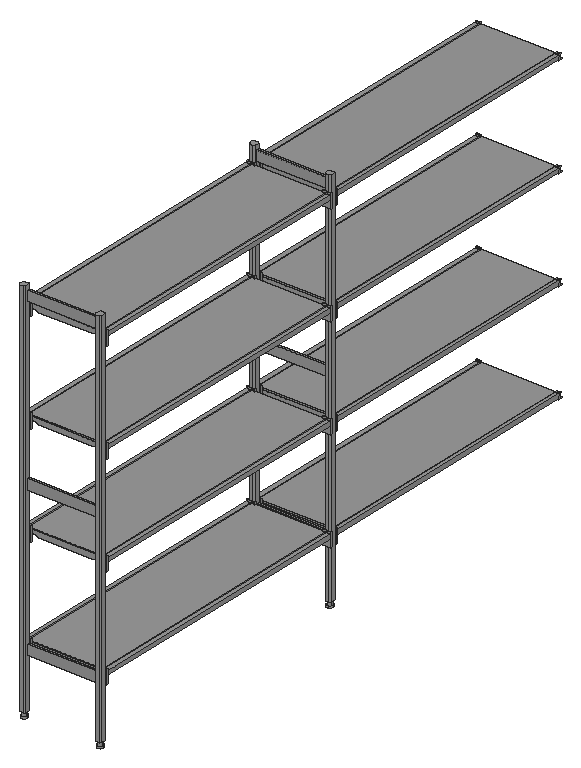
Revit family "QF_ZANUSSI_137067_ACS2548", category Attrezzature speciali, Revit 2020
Family settings
  Quota connettore circolare = Usa diametro
  Tipo di parte = Normale
  Basato su piano di lavoro = No
  Sempre verticale = Sì
  Taglio con vuoti quando caricato = No
  Condiviso = No
  Punto di calcolo locali = No
Parameters (values of type "Standard")
  Weight = 38.00 kg
  Watts = 0 W
  Volts = 0 V
  URL Manufacturer = "http://www.zanussiprofessional.com"
  URL = "http://www.zanussiprofessional.com"
  Steam Supply Size = 0 mm
  Steam Supply Minimum Pressure = 0.0 Pa
  Steam Supply Maximum Pressure = 0.0 Pa
  Steam Consumption per Hour = 0
  Refrigeration Suction Line Size = 0.0 mm
  Refrigeration Liquid Line Size = 0.0 mm
  Refrigerant Compressor Remote = yes
  Prospetto di default = 0.0 mm
  Phase = 0
  Modello = "ACS2548"
  Produttore = "Zanussi"
  Length Actual = 2552.0 mm  # constant formula
  Item Number = "137067"
  Hot Water Size = 0 mm
  Height Actual = 1700.0 mm  # constant formula
  HP = "0 HP"
  Gas Size = 0 mm
  Gas KW = 0
  Gas Input Pressure = 0 W
  Direct Waste Size = 0 mm
  Descrizione = "ALUM.CORNER SHELV.-POLY.TIERS-373X2552MM"
  Depth Actual = 373.0 mm  # constant formula
  Cycle = 0 Hz
  Condensate Return Size = 0 mm
  Compressed Air Volume = 0.0 L/s
  Compressed Air Size = 0 mm
  Compressed Air Pressure = 0.0 Pa
  Cold Water Size = 0 mm
  Accessory = yes
Reference planes
  plane 1: z = 0
  plane 2 "CenterLeft": y = -535.5
  plane 3 "FRONT": y = -921.5
  plane 4 "LEFT": x = 192.5
  plane 5 "RIGHT": x = 565.5
  plane 6 "TOP": z = 1700
  plane 7: y = -889.5
  plane 8: y = 350.5
  plane 9 "Center (Left/Back)": x = 379
  plane 10: x = 205
  plane 11: x = 515
  plane 12 "FEET": z = 25
  plane 13: z = 275
  plane 14: z = 725
  plane 15: z = 1175
  plane 16: z = 1625
  plane 17 "CXLeft": y = -907.5
  plane 18 "Center (Front/Back)": y = 368.5
  plane 19 "CYFront": x = 510
  plane 20: y = 1626.5
  plane 21: y = 386.5
  plane 22 "BACK": y = 1630.5
  plane 23 "LEFT_ORIGIN": x = 158.5
  plane 24 "BACK_ORIGIN": y = 2003.5
Forms (mm)
  Extrusion 1, solid, material "QF_Aluminum"
    sketch origin (38.022, -921.5, -4.006) x (-1, 0, 0) y (0, 0, 1)
      loop
        line (-189.5, 1637.003) -> (-173.5, 1637.003) -> (-173.5, 1655) -> (-175.493, 1655) -> (-175.493, 1648.501) -> (-506.5, 1648.501) -> (-506.5, 1655) -> (-508.5, 1655) -> (-508.5, 1637.003) -> (-492.5, 1637.003) -> (-458.5, 1625) -> (-223.5, 1625) -> (-189.5, 1637.003)
      loop
        line (-189.5, 1187.003) -> (-173.5, 1187.003) -> (-173.5, 1205) -> (-175.493, 1205) -> (-175.493, 1198.501) -> (-506.5, 1198.501) -> (-506.5, 1205) -> (-508.5, 1205) -> (-508.5, 1187.003) -> (-492.5, 1187.003) -> (-458.5, 1175) -> (-223.5, 1175) -> (-189.5, 1187.003)
      loop
        line (-189.5, 737.003) -> (-173.5, 737.003) -> (-173.5, 755) -> (-175.493, 755) -> (-175.493, 748.501) -> (-506.5, 748.501) -> (-506.5, 755) -> (-508.5, 755) -> (-508.5, 737.003) -> (-492.5, 737.003) -> (-458.5, 725) -> (-223.5, 725) -> (-189.5, 737.003)
      loop
        line (-189.5, 287.003) -> (-173.5, 287.003) -> (-173.5, 305) -> (-175.493, 305) -> (-175.493, 298.501) -> (-506.5, 298.501) -> (-506.5, 305) -> (-508.5, 305) -> (-508.5, 287.003) -> (-492.5, 287.003) -> (-458.5, 275) -> (-223.5, 275) -> (-189.5, 287.003)
    from 37 to 32
  Extrusion 2, solid, material "QF_Aluminum"
    sketch origin (38.022, -921.5, 0) x (-1, 0, 0) y (0, 0, 1)
      loop
        line (-154.478, 246.005) -> (-154.478, 307.993) -> (-190.471, 307.993) -> (-190.471, 246.005) -> (-154.478, 246.005)
      loop
        line (-527.478, 246.005) -> (-491.484, 246.005) -> (-491.484, 307.993) -> (-527.478, 307.993) -> (-527.478, 246.005)
      loop
        line (-154.478, 696.005) -> (-154.478, 757.993) -> (-190.471, 757.993) -> (-190.471, 696.005) -> (-154.478, 696.005)
      loop
        line (-527.478, 696.005) -> (-491.484, 696.005) -> (-491.484, 757.993) -> (-527.478, 757.993) -> (-527.478, 696.005)
      loop
        line (-154.478, 1146.005) -> (-154.478, 1207.993) -> (-190.471, 1207.993) -> (-190.471, 1146.005) -> (-154.478, 1146.005)
      loop
        line (-527.478, 1146.005) -> (-491.484, 1146.005) -> (-491.484, 1207.993) -> (-527.478, 1207.993) -> (-527.478, 1146.005)
      loop
        line (-154.478, 1596.005) -> (-154.478, 1657.993) -> (-190.471, 1657.993) -> (-190.471, 1596.005) -> (-154.478, 1596.005)
      loop
        line (-527.478, 1596.005) -> (-491.484, 1596.005) -> (-491.484, 1657.993) -> (-527.478, 1657.993) -> (-527.478, 1596.005)
    from 28 to 32
  Extrusion 3, solid, material "QF_Aluminum"
    sketch origin (38.022, -921.5, 0) x (-1, 0, 0) y (0, 0, 1)
      loop
        line (-154.5, 1650.994) -> (-173.5, 1650.994) -> (-173.5, 1632.998) -> (-154.5, 1632.998) -> (-154.5, 1650.994)
      loop
        line (-154.5, 1200.994) -> (-173.5, 1200.994) -> (-173.5, 1182.998) -> (-154.5, 1182.998) -> (-154.5, 1200.994)
      loop
        line (-154.5, 750.994) -> (-173.5, 750.994) -> (-173.5, 732.998) -> (-154.5, 732.998) -> (-154.5, 750.994)
      loop
        line (-154.5, 300.994) -> (-173.5, 300.994) -> (-173.5, 282.998) -> (-154.5, 282.998) -> (-154.5, 300.994)
      loop
        line (-527.455, 1650.994) -> (-527.455, 1632.998) -> (-508.455, 1632.998) -> (-508.455, 1650.994) -> (-527.455, 1650.994)
      loop
        line (-527.455, 1200.994) -> (-527.455, 1182.998) -> (-508.455, 1182.998) -> (-508.455, 1200.994) -> (-527.455, 1200.994)
      loop
        line (-527.455, 750.994) -> (-527.455, 732.998) -> (-508.455, 732.998) -> (-508.455, 750.994) -> (-527.455, 750.994)
      loop
        line (-527.455, 300.994) -> (-527.455, 282.998) -> (-508.455, 282.998) -> (-508.455, 300.994) -> (-527.455, 300.994)
    from 32 to 1272
  Extrusion 4, solid, material "QF_Polyethylene"
    sketch origin (38.022, -921.5, 0) x (-1, 0, 0) y (0, 0, 1)
      loop
        line (-175.493, 1650.994) -> (-506.5, 1650.994) -> (-506.5, 1644.496) -> (-175.493, 1644.496) -> (-175.493, 1650.994)
      loop
        line (-175.493, 1200.994) -> (-506.5, 1200.994) -> (-506.5, 1194.496) -> (-175.493, 1194.496) -> (-175.493, 1200.994)
      loop
        line (-175.493, 750.994) -> (-506.5, 750.994) -> (-506.5, 744.496) -> (-175.493, 744.496) -> (-175.493, 750.994)
      loop
        line (-175.493, 300.994) -> (-506.5, 300.994) -> (-506.5, 294.496) -> (-175.493, 294.496) -> (-175.493, 300.994)
    from 32 to 1272
  Extrusion 5, solid, material "QF_Aluminum"
    sketch origin (38.022, 684.5, 0) x (-1, 0, 0) y (0, 0, 1)
      loop
        line (-154.5, 1650.994) -> (-173.5, 1650.994) -> (-173.5, 1632.998) -> (-154.5, 1632.998) -> (-154.5, 1650.994)
      loop
        line (-508.5, 1650.994) -> (-527.455, 1650.994) -> (-527.455, 1632.998) -> (-508.5, 1632.998) -> (-508.5, 1650.994)
      loop
        line (-154.5, 1200.994) -> (-173.5, 1200.994) -> (-173.5, 1182.998) -> (-154.5, 1182.998) -> (-154.5, 1200.994)
      loop
        line (-508.5, 1200.994) -> (-527.455, 1200.994) -> (-527.455, 1182.998) -> (-508.5, 1182.998) -> (-508.5, 1200.994)
      loop
        line (-154.5, 750.994) -> (-173.5, 750.994) -> (-173.5, 732.998) -> (-154.5, 732.998) -> (-154.5, 750.994)
      loop
        line (-508.5, 750.994) -> (-527.455, 750.994) -> (-527.455, 732.998) -> (-508.5, 732.998) -> (-508.5, 750.994)
      loop
        line (-154.5, 300.994) -> (-173.5, 300.994) -> (-173.5, 282.998) -> (-154.5, 282.998) -> (-154.5, 300.994)
      loop
        line (-508.5, 300.994) -> (-527.455, 300.994) -> (-527.455, 282.998) -> (-508.5, 282.998) -> (-508.5, 300.994)
    from 942 to -298
  Extrusion 6, solid, material "QF_Polyethylene"
    sketch origin (38.022, 684.5, 0) x (-1, 0, 0) y (0, 0, 1)
      loop
        line (-175.493, 1650.994) -> (-506.5, 1650.994) -> (-506.5, 1644.496) -> (-175.493, 1644.496) -> (-175.493, 1650.994)
      loop
        line (-175.493, 1200.994) -> (-506.5, 1200.994) -> (-506.5, 1194.496) -> (-175.493, 1194.496) -> (-175.493, 1200.994)
      loop
        line (-175.493, 750.994) -> (-506.5, 750.994) -> (-506.5, 744.496) -> (-175.493, 744.496) -> (-175.493, 750.994)
      loop
        line (-175.493, 300.994) -> (-506.5, 300.994) -> (-506.5, 294.496) -> (-175.493, 294.496) -> (-175.493, 300.994)
    from 942 to -298
Lines and regions (mm)
  symbolic lines
    curve 1: line (205, -912.5, 1700) -> (515, -912.5, 1700)
    curve 2: line (515, -902.5, 1700) -> (205, -902.5, 1700)
    curve 3: line (192.5, -893.5, 1700) -> (192.5, 354.5, 1700)
    curve 4: line (565.5, -889.5, 1700) -> (565.5, 350.5, 1700)
    curve 5: line (192.5, 382.5, 1700) -> (192.5, 1630.5, 1700)
    curve 6: line (565.5, 382.5, 1700) -> (565.5, 1630.5, 1700)
    curve 7: line (211.522, 1626.5, 1700) -> (510.507, 1626.5, 1700)
    curve 8: line (211.522, 350.5, 1700) -> (510.507, 350.5, 1700)
    curve 9: line (510.507, 386.5, 1700) -> (211.522, 386.5, 1700)
    curve 10: line (211.522, -889.5, 1700) -> (510.507, -889.5, 1700)
    curve 11: line (211.522, -889.5, 1700) -> (211.522, 350.5, 1700)
    curve 12: line (546.478, 350.5, 1700) -> (546.478, -889.5, 1700)
    curve 13: line (211.522, 386.5, 1700) -> (211.522, 1626.5, 1700)
    curve 14: line (546.522, 652.5, 1700) -> (546.522, -145.5, 1700)
Dimensions and locks
  plane 3 "FRONT" to plane 2 "CenterLeft" = 386.0 mm
  locked: plane 6 "TOP" to level at 1700
  locked: plane 7 to plane 8 at 1240
  locked: plane 10 to plane 11 at 310
  plane 10 to plane 9 "Center (Left/Back)" to plane 11 = 174.0 mm, 136.0 mm
  equal spacing: plane 4 "LEFT", plane 9 "Center (Left/Back)", plane 5 "RIGHT"
  plane 12 "FEET" to level = 25.0 mm
  plane 6 "TOP" to plane 12 "FEET" = 1675.0 mm
  plane 13 to plane 12 "FEET" = 250.0 mm
  plane 14 to plane 13 = 450.0 mm
  plane 15 to plane 14 = 450.0 mm
  plane 16 to plane 15 = 450.0 mm
  plane 19 "CYFront" to Extrusion 1 sketch curve = 34.522 mm
  locked: plane 21 to plane 20 at 1240
  locked: plane 8 to plane 18 "Center (Front/Back)" at 18
  locked: plane 18 "Center (Front/Back)" to plane 21 at 18
  locked: plane 3 "FRONT" to plane 7 at 32
  locked: plane 4 "LEFT" to plane 5 "RIGHT" at 373
  locked: plane 23 "LEFT_ORIGIN" to plane 5 "RIGHT" at 407
  locked: plane 22 "BACK" to plane 24 "BACK_ORIGIN" at 373
  locked: plane 22 "BACK" to plane 3 "FRONT" at 2552
  aligned and locked: level to plane 1
  aligned and locked: Extrusion 1 to plane 7
  aligned and locked: plane 7 to Extrusion 2
  aligned and locked: Extrusion 4 to plane 7
  aligned and locked: plane 8 to Extrusion 4
  aligned and locked: Extrusion 3 to plane 7
  aligned and locked: plane 8 to Extrusion 3
  aligned and locked: Extrusion 1 sketch curve to Extrusion 1 sketch curve  (x3)
  aligned and locked: Extrusion 4 sketch curve to Extrusion 1  (x4)
  aligned and locked: Extrusion 5 sketch curve to Extrusion 5 sketch curve  (x2)
  aligned and locked: Extrusion 5 to plane 21  (x5)
  aligned and locked: Extrusion 6 to plane 21  (x5)
  aligned and locked: nested 2 to plane 18 "Center (Front/Back)"
  aligned and locked: nested 1 to plane 17 "CXLeft"
  aligned and locked: plane 7 to Extrusion 3  (x3)
  aligned and locked: Extrusion 3 to plane 8  (x4)
  aligned and locked: Extrusion 4 to plane 8  (x4)
  aligned and locked: plane 20 to Extrusion 5
  aligned and locked: plane 20 to Extrusion 6
  aligned and locked: Extrusion 5 to plane 20  (x3)
  aligned and locked: Extrusion 6 to plane 20  (x3)
  aligned and locked: plane 9 "Center (Left/Back)" to nested 2
  aligned and locked: nested 3 to plane 22 "BACK"
Automatic sketch dimensions
  curve 1 to plane 10 = 0.0 mm
  curve 1 to plane 11 = 0.0 mm
  curve 2 to plane 10 = 0.0 mm
  curve 2 to plane 11 = 0.0 mm
  curve 3 to plane 4 "LEFT" = 0.0 mm
  plane 7 to curve 10 = 0.0 mm
  curve 4 to plane 5 "RIGHT" = 0.0 mm
  plane 7 to curve 4 = 0.0 mm
  plane 8 to curve 8 = 0.0 mm
  plane 8 to curve 4 = 0.0 mm
  curve 6 to plane 5 "RIGHT" = 0.0 mm
  curve 5 to plane 4 "LEFT" = 0.0 mm
  curve 9 to plane 21 = 0.0 mm
  plane 20 to curve 7 = 0.0 mm
  plane 7 to curve 3 = 4.0 mm
  plane 17 "CXLeft" to curve 2 = 5.0 mm
  curve 1 to plane 17 "CXLeft" = 5.0 mm
  curve 3 to plane 8 = 4.0 mm
  curve 6 to plane 21 = 4.0 mm
  curve 5 to plane 21 = 4.0 mm
  curve 6 to plane 20 = 4.0 mm
  curve 5 to plane 20 = 4.0 mm
  plane 11 to curve 10 = 4.493 mm
  plane 11 to curve 9 = 4.493 mm
  plane 11 to curve 8 = 4.493 mm
  plane 11 to curve 7 = 4.493 mm
  curve 8 to plane 10 = 6.522 mm
  curve 7 to plane 10 = 6.522 mm
  Extrusion 1 sketch curve to plane 19 "CYFront" = 36.522 mm  (x4)
  Extrusion 1 sketch curve to plane 11 = 15.522 mm  (x4)
  Extrusion 1 sketch curve to plane 13 = 4.006 mm
  Extrusion 1 sketch curve to Extrusion 1 sketch curve = 34.0 mm  (x4)
  Extrusion 1 sketch curve to plane 14 = 4.006 mm
  Extrusion 1 sketch curve to plane 15 = 4.006 mm
  Extrusion 1 sketch curve to plane 16 = 4.006 mm
  Extrusion 1 sketch curve to plane 10 = 56.522 mm  (x4)
  Extrusion 1 sketch curve to plane 10 = 22.522 mm  (x4)
  plane 13 to Extrusion 1 sketch curve = 7.998 mm  (x2)
  Extrusion 1 sketch curve to Extrusion 1 sketch curve = 11.498 mm  (x4)
  Extrusion 1 sketch curve to Extrusion 1 sketch curve = 6.499 mm  (x8)
  plane 14 to Extrusion 1 sketch curve = 7.998 mm  (x2)
  plane 15 to Extrusion 1 sketch curve = 7.998 mm  (x2)
  plane 16 to Extrusion 1 sketch curve = 7.998 mm  (x2)
  Extrusion 2 sketch curve to plane 5 "RIGHT" = 0.0 mm  (x4)
  Extrusion 2 sketch curve to plane 4 "LEFT" = 0.0 mm  (x4)
  Extrusion 2 sketch curve to plane 11 = 14.507 mm  (x4)
  Extrusion 2 sketch curve to plane 10 = 23.493 mm  (x4)
  Extrusion 2 sketch curve to plane 13 = 28.995 mm  (x2)
  plane 13 to Extrusion 2 sketch curve = 32.993 mm  (x2)
  Extrusion 2 sketch curve to plane 14 = 28.995 mm  (x2)
  plane 14 to Extrusion 2 sketch curve = 32.993 mm  (x2)
  Extrusion 2 sketch curve to plane 15 = 28.995 mm  (x2)
  plane 15 to Extrusion 2 sketch curve = 32.993 mm  (x2)
  Extrusion 2 sketch curve to plane 16 = 28.995 mm  (x2)
  plane 16 to Extrusion 2 sketch curve = 32.993 mm  (x2)
  plane 13 to Extrusion 4 sketch curve = 19.496 mm
  Extrusion 4 sketch curve to Extrusion 4 sketch curve = 6.499 mm  (x4)
  plane 14 to Extrusion 4 sketch curve = 19.496 mm
  plane 15 to Extrusion 4 sketch curve = 19.496 mm
  plane 16 to Extrusion 4 sketch curve = 19.496 mm
  plane 5 "RIGHT" to Extrusion 5 sketch curve = 0.022 mm  (x4)
  Extrusion 5 sketch curve to plane 4 "LEFT" = 19.022 mm  (x4)
  Extrusion 5 sketch curve to plane 19 "CYFront" = 36.522 mm  (x2)
  plane 13 to Extrusion 5 sketch curve = 7.998 mm  (x2)
  Extrusion 5 sketch curve to Extrusion 5 sketch curve = 17.997 mm  (x8)
  plane 14 to Extrusion 5 sketch curve = 7.998 mm  (x2)
  plane 15 to Extrusion 5 sketch curve = 7.998 mm  (x2)
  plane 16 to Extrusion 5 sketch curve = 7.998 mm  (x2)
  Extrusion 6 sketch curve to plane 19 "CYFront" = 34.522 mm  (x4)
  plane 13 to Extrusion 6 sketch curve = 19.496 mm
  Extrusion 6 sketch curve to Extrusion 6 sketch curve = 6.499 mm  (x4)
  plane 14 to Extrusion 6 sketch curve = 19.496 mm
  plane 15 to Extrusion 6 sketch curve = 19.496 mm
  plane 16 to Extrusion 6 sketch curve = 19.496 mm
  plane 5 "RIGHT" to Extrusion 3 sketch curve = 0.022 mm  (x4)
  Extrusion 3 sketch curve to Extrusion 3 sketch curve = 19.0 mm  (x4)
  plane 14 to Extrusion 3 sketch curve = 7.998 mm  (x2)
  Extrusion 3 sketch curve to plane 10 = 6.522 mm  (x4)
  Extrusion 3 sketch curve to plane 4 "LEFT" = 0.022 mm  (x4)
  plane 13 to Extrusion 3 sketch curve = 25.994 mm  (x2)
  plane 13 to Extrusion 3 sketch curve = 7.998 mm  (x2)
  Extrusion 3 sketch curve to Extrusion 3 sketch curve = 17.997 mm  (x6)
  plane 15 to Extrusion 3 sketch curve = 7.998 mm  (x2)
  plane 16 to Extrusion 3 sketch curve = 7.998 mm  (x2)
  plane 7 to curve 12 = 0.0 mm
  plane 8 to curve 12 = 0.0 mm
  curve 4 to curve 12 = 19.022 mm
  Extrusion 1 sketch curve to plane 10 = 8.516 mm  (x4)
  Extrusion 1 sketch curve to plane 10 = 6.522 mm  (x2)
  Extrusion 1 sketch curve to Extrusion 1 sketch curve = 1.993 mm  (x2)
  Extrusion 4 sketch curve to plane 10 = 8.516 mm  (x4)
  Extrusion 5 sketch curve to plane 4 "LEFT" = 0.022 mm  (x4)
  Extrusion 6 sketch curve to plane 10 = 8.516 mm  (x4)
Nested families
  nested 1: "WT_Anta373" at (215.5, -504.5, 0) x (0, 1, 0) z (0, 0, 1), type "WT_Anta373"
  nested 2: "WT_Anta373Center" at (215.5, 771.5, 0) x (0, 1, 0) z (0, 0, 1), type "WT_Anta373Center"
  nested 3: "WT_Aggancio373" at (215.5, 2038.5, 0) x (0, 1, 0) z (0, 0, 1), type "WT_Aggancio373"
Definition of nested family "WT_Anta373"
  Parameters
    WidthLeft = A + 64.0 mm  # 772.0 mm
    Width = 1606.0 mm
    Right = WidthLeft / 2  # 386.0 mm
    Default Elevation = 0.0 mm
    Left = -WidthLeft / 2  # -386.0 mm
    Height = 1725.0 mm
    FEET = 25.0 mm
    E = 0.0 mm
    Dint = Depth - 63.0 mm  # 310.0 mm
    Dext = Depth - 8.0 mm  # 365.0 mm
    Depth = 373.0 mm
    DX = (WidthLeft - A) / 2  # 32.0 mm
    B = 798.0 mm
    A = 708.0 mm
  Reference planes
    plane 1: z = 0
    plane 2 "LEFT": x = -417
    plane 3 "BACK": y = 23
    plane 4 "FRONT": y = -350
    plane 5 "TOP": z = 1725
    plane 6 "Center (Front/Back)": y = -163.5
    plane 7: y = -8.5
    plane 8: y = -318.5
    plane 9 "FEET": z = 25
    plane 10: z = 275
    plane 11: z = 725
    plane 12: z = 1175
    plane 13: z = 1625
    plane 14 "CXLeft": x = -403
    plane 15: y = 5.5
    plane 16 "CYBack": y = 5.5
    plane 17 "CYFront": y = -332.5
    plane 18: x = -385.031
    plane 19: x = -380.031
  Forms (mm)
    Extrusion 1, solid
      sketch origin (0, 0, 0) x (1, 0, 0) y (0, 1, 0)
        loop
          line (-417, 13.246) -> (-417, -2.246) -> (-410.746, -8.5) -> (-395.254, -8.5) -> (-389, -2.246) -> (-389, 13.246) -> (-395.254, 19.5) -> (-410.746, 19.5) -> (-417, 13.246)
      from 1725 to 25
    Extrusion 2, solid
      sketch origin (-417, 0, 0) x (0, 1, 0) y (0, 0, 1)
        loop
          line (23, 246.005) -> (23, 307.993) -> (-12.993, 307.993) -> (-12.993, 246.005) -> (23, 246.005)
        loop
          line (-350, 246.005) -> (-314.007, 246.005) -> (-314.007, 307.993) -> (-350, 307.993) -> (-350, 246.005)
        loop
          line (23, 696.005) -> (23, 757.993) -> (-12.993, 757.993) -> (-12.993, 696.005) -> (23, 696.005)
        loop
          line (-350, 696.005) -> (-314.007, 696.005) -> (-314.007, 757.993) -> (-350, 757.993) -> (-350, 696.005)
        loop
          line (23, 1146.005) -> (23, 1207.993) -> (-12.993, 1207.993) -> (-12.993, 1146.005) -> (23, 1146.005)
        loop
          line (-350, 1146.005) -> (-314.007, 1146.005) -> (-314.007, 1207.993) -> (-350, 1207.993) -> (-350, 1146.005)
        loop
          line (23, 1596.005) -> (23, 1657.993) -> (-12.993, 1657.993) -> (-12.993, 1596.005) -> (23, 1596.005)
        loop
          line (-350, 1596.005) -> (-314.007, 1596.005) -> (-314.007, 1657.993) -> (-350, 1657.993) -> (-350, 1596.005)
      from 28 to 32
    Revolve 3, solid
      sketch origin (-403, 0, 0) x (0, 1, 0) y (0, 0, 1)
        loop
          line (5.5, 25) -> (5.5, 0) -> (19, 0) -> (19, 5) -> (14, 5) -> (14, 25) -> (5.5, 25)
        axis (5.5, 25) -> (5.5, 0)
      angle from 0 to 360
    Extrusion 4, solid
      sketch origin (-403, 0, 0) x (0, 1, 0) y (0, 0, 1)
        loop
          line (-8.5, 912.382) -> (-8.5, 957.374) -> (-318.5, 957.374) -> (-318.5, 912.382) -> (-8.5, 912.382)
        loop
          line (-8.5, 1662.244) -> (-8.5, 1707.236) -> (-318.5, 1707.236) -> (-318.5, 1662.244) -> (-8.5, 1662.244)
      from -5 to 5
    Revolve 5, solid
      sketch origin (-403, -627, 0) x (0, -1, 0) y (0, 0, 1)
        loop
          line (-294.5, 25) -> (-294.5, 0) -> (-281, 0) -> (-281, 5) -> (-286, 5) -> (-286, 25) -> (-294.5, 25)
        axis (-294.5, 25) -> (-294.5, 0)
      angle from 0 to 360
    Extrusion 6, solid
      sketch origin (0, -627, 0) x (1, 0, 0) y (0, 1, 0)
        loop
          line (-417, 286.754) -> (-410.746, 280.5) -> (-395.254, 280.5) -> (-389, 286.754) -> (-389, 302.246) -> (-395.254, 308.5) -> (-410.746, 308.5) -> (-417, 302.246) -> (-417, 286.754)
      from 1725 to 25
    Extrusion 7, solid
      sketch origin (-417.031, -0.022, 0) x (0, 1, 0) y (0, 0, -1)
        loop
          line (-12, -1632.998) -> (-46, -1620.994) -> (-281, -1620.994) -> (-315, -1632.998) -> (-331, -1632.998) -> (-331, -1650.994) -> (-329, -1650.994) -> (-329, -1644.496) -> (2.007, -1644.496) -> (2.007, -1650.994) -> (4, -1650.994) -> (4, -1632.998) -> (-12, -1632.998)
        loop
          line (-12, -1182.998) -> (-46, -1170.994) -> (-281, -1170.994) -> (-315, -1182.998) -> (-331, -1182.998) -> (-331, -1200.994) -> (-329, -1200.994) -> (-329, -1194.496) -> (2.007, -1194.496) -> (2.007, -1200.994) -> (4, -1200.994) -> (4, -1182.998) -> (-12, -1182.998)
        loop
          line (-12, -732.998) -> (-46, -720.994) -> (-281, -720.994) -> (-315, -732.998) -> (-331, -732.998) -> (-331, -750.994) -> (-329, -750.994) -> (-329, -744.496) -> (2.007, -744.496) -> (2.007, -750.994) -> (4, -750.994) -> (4, -732.998) -> (-12, -732.998)
        loop
          line (-12, -282.998) -> (-46, -270.994) -> (-281, -270.994) -> (-315, -282.998) -> (-331, -282.998) -> (-331, -300.994) -> (-329, -300.994) -> (-329, -294.496) -> (2.007, -294.496) -> (2.007, -300.994) -> (4, -300.994) -> (4, -282.998) -> (-12, -282.998)
      from -32 to -37
    Extrusion 8, solid
      sketch origin (-403, 0, -659.878) x (0, 1, 0) y (0, 0, 1)
        loop
          line (-8.5, 912.382) -> (-8.5, 957.374) -> (-318.5, 957.374) -> (-318.5, 912.382) -> (-8.5, 912.382)
        loop
          line (-8.5, 1572.382) -> (-8.5, 1617.374) -> (-318.5, 1617.374) -> (-318.5, 1572.382) -> (-8.5, 1572.382)
        loop
          line (-8.5, 2322.382) -> (-8.5, 2367.374) -> (-318.5, 2367.374) -> (-318.5, 2322.382) -> (-8.5, 2322.382)
      from -5 to 5
  Lines and regions (mm)
    symbolic lines
      curve 1: line (-408, -8.5, 1725) -> (-408, -318.5, 1725)
      curve 2: line (-398, -318.5, 1725) -> (-398, -8.5, 1725)
      curve 3: line (-395.254, -8.5, 1725) -> (-410.746, -8.5, 1725)
      curve 4: line (-417, -2.246, 1725) -> (-410.746, -8.5, 1725)
      curve 5: line (-417, 13.246, 1725) -> (-417, -2.246, 1725)
      curve 6: line (-410.746, 19.5, 1725) -> (-417, 13.246, 1725)
      curve 7: line (-395.254, 19.5, 1725) -> (-410.746, 19.5, 1725)
      curve 8: line (-389, 13.246, 1725) -> (-395.254, 19.5, 1725)
      curve 9: line (-395.254, -8.5, 1725) -> (-389, -2.246, 1725)
      curve 10: line (-395.254, -318.5, 1725) -> (-410.746, -318.5, 1725)
      curve 11: line (-417, -324.754, 1725) -> (-410.746, -318.5, 1725)
      curve 12: line (-410.746, -346.5, 1725) -> (-417, -340.246, 1725)
      curve 13: line (-395.254, -346.5, 1725) -> (-410.746, -346.5, 1725)
      curve 14: line (-389, -340.246, 1725) -> (-395.254, -346.5, 1725)
      curve 15: line (-395.254, -318.5, 1725) -> (-389, -324.754, 1725)
      curve 16: line (-389, -350, 1725) -> (-389, -314.007, 1725)
      curve 17: line (-389, -314.007, 1725) -> (-385, -314.007, 1725)
      curve 18: line (-389, 23, 1725) -> (-389, -12.993, 1725)
      curve 19: line (-389, -12.993, 1725) -> (-385, -12.993, 1725)
      curve 20: line (-417, -324.754, 1725) -> (-417, -340.246, 1725)
      curve 21: line (-385, -350, 1725) -> (-385, -314.007, 1725)
      curve 22: line (-385, -350, 1725) -> (-389, -350, 1725)
      curve 23: line (-385, 23, 1725) -> (-389, 23, 1725)
      curve 24: line (-385, -12.993, 1725) -> (-385, 23, 1725)
      curve 25: line (-385.031, -13.016, 1725) -> (-385.031, -314.029, 1725)
  Dimensions and locks
    "Height": plane 5 "TOP" to level
    "Depth": plane 3 "BACK" to plane 4 "FRONT"
    "Dint": plane 7 to plane 8
    equal spacing: plane 7, plane 6 "Center (Front/Back)", plane 8
    equal spacing: plane 3 "BACK", plane 6 "Center (Front/Back)", plane 4 "FRONT"
    plane 9 "FEET" to level = 25.0 mm
    plane 5 "TOP" to plane 9 "FEET" = 1700.0 mm
    plane 10 to plane 9 "FEET" = 250.0 mm
    plane 11 to plane 10 = 450.0 mm
    plane 12 to plane 11 = 450.0 mm
    plane 13 to plane 12 = 450.0 mm
    locked: plane 2 "LEFT" to plane 14 "CXLeft" at 14
    locked: plane 3 "BACK" to plane 16 "CYBack" at 17.5
    locked: plane 17 "CYFront" to plane 4 "FRONT" at 17.5
    locked: Revolve 3 sketch curve to Revolve 3 sketch curve at 8.5
    locked: Revolve 3 sketch curve to plane 16 "CYBack" at 13.5
    locked: Revolve 5 sketch curve to Revolve 5 sketch curve at 8.5
    aligned and locked: level to plane 1
    aligned and locked: curve 20 to Extrusion 6
    aligned and locked: plane 5 "TOP" to Extrusion 1
    aligned and locked: plane 5 "TOP" to Extrusion 6
    aligned and locked: Extrusion 7 sketch curve to Extrusion 7 sketch curve  (x3)
  Automatic sketch dimensions
    curve 16 to plane 4 "FRONT" = 0.0 mm
    curve 11 to plane 8 = 0.0 mm
    curve 9 to plane 7 = 0.0 mm
    curve 5 to plane 2 "LEFT" = 0.0 mm
    curve 23 to plane 3 "BACK" = 0.0 mm
    plane 4 "FRONT" to curve 13 = 3.5 mm
    curve 20 to plane 17 "CYFront" = 7.746 mm
    curve 20 to plane 8 = 6.254 mm
    plane 8 to curve 16 = 4.493 mm
    curve 24 to plane 18 = 0.031 mm
    curve 24 to plane 7 = 4.493 mm
    plane 7 to curve 5 = 6.254 mm
    curve 5 to plane 15 = 7.746 mm
    curve 6 to plane 3 "BACK" = 3.5 mm
    curve 21 to plane 18 = 0.031 mm
    plane 18 to curve 23 = 3.969 mm
    plane 18 to curve 16 = 3.969 mm
    curve 18 to curve 8 = 6.254 mm
    curve 18 to curve 3 = 6.254 mm
    curve 16 to curve 13 = 6.254 mm
    curve 16 to curve 15 = 6.254 mm
    plane 2 "LEFT" to curve 10 = 6.254 mm
    plane 2 "LEFT" to curve 7 = 6.254 mm
    plane 2 "LEFT" to curve 12 = 6.254 mm
    plane 2 "LEFT" to curve 3 = 6.254 mm
    curve 14 to plane 17 "CYFront" = 7.746 mm
    curve 15 to plane 8 = 6.254 mm
    plane 7 to curve 9 = 6.254 mm
    curve 8 to plane 15 = 7.746 mm
    curve 3 to curve 2 = 2.746 mm
    curve 1 to curve 10 = 2.746 mm
    Extrusion 1 sketch curve to plane 2 "LEFT" = 0.0 mm
    Extrusion 1 sketch curve to plane 7 = 0.0 mm
    plane 2 "LEFT" to Extrusion 1 sketch curve = 6.254 mm  (x2)
    plane 14 "CXLeft" to Extrusion 1 sketch curve = 7.746 mm  (x2)
    Extrusion 1 sketch curve to plane 3 "BACK" = 3.5 mm
    plane 18 to Extrusion 1 sketch curve = 3.969 mm
    plane 7 to Extrusion 1 sketch curve = 6.254 mm  (x2)
    Extrusion 1 sketch curve to plane 15 = 7.746 mm  (x2)
    Extrusion 2 sketch curve to plane 4 "FRONT" = 0.0 mm  (x4)
    Extrusion 2 sketch curve to plane 3 "BACK" = 0.0 mm  (x4)
    plane 8 to Extrusion 2 sketch curve = 4.493 mm  (x4)
    Extrusion 2 sketch curve to plane 7 = 4.493 mm  (x4)
    Extrusion 2 sketch curve to plane 10 = 28.995 mm  (x2)
    plane 10 to Extrusion 2 sketch curve = 32.993 mm  (x2)
    Extrusion 2 sketch curve to plane 11 = 28.995 mm  (x2)
    plane 11 to Extrusion 2 sketch curve = 32.993 mm  (x2)
    Extrusion 2 sketch curve to plane 12 = 28.995 mm  (x2)
    plane 12 to Extrusion 2 sketch curve = 32.993 mm  (x2)
    Extrusion 2 sketch curve to plane 13 = 28.995 mm  (x2)
    plane 13 to Extrusion 2 sketch curve = 32.993 mm  (x2)
    Revolve 3 sketch curve to plane 9 "FEET" = 0.0 mm  (x2)
    Revolve 3 sketch curve to plane 15 = 0.0 mm  (x2)
    Revolve 3 sketch curve to level = 0.0 mm
    level to Revolve 3 sketch curve = 5.0 mm
    Revolve 3 sketch curve to Revolve 3 sketch curve = 11.655 mm
    Extrusion 4 sketch curve to plane 8 = 0.0 mm  (x2)
    Extrusion 4 sketch curve to plane 7 = 0.0 mm  (x2)
    plane 11 to Extrusion 4 sketch curve = 187.382 mm
    Extrusion 4 sketch curve to Extrusion 4 sketch curve = 44.992 mm
    plane 13 to Extrusion 4 sketch curve = 37.244 mm
    Extrusion 4 sketch curve to plane 5 "TOP" = 17.764 mm
    Revolve 5 sketch curve to plane 9 "FEET" = 0.0 mm  (x2)
    Revolve 5 sketch curve to plane 17 "CYFront" = 0.0 mm  (x2)
    Revolve 5 sketch curve to level = 0.0 mm
    Revolve 5 sketch curve to plane 4 "FRONT" = 4.0 mm
    Revolve 5 sketch curve to Revolve 5 sketch curve = 5.0 mm
    level to Revolve 5 sketch curve = 11.655 mm
    Extrusion 6 sketch curve to plane 2 "LEFT" = 0.0 mm
    Extrusion 6 sketch curve to plane 8 = 0.0 mm
    Extrusion 6 sketch curve to plane 2 "LEFT" = 6.254 mm  (x2)
    Extrusion 6 sketch curve to plane 14 "CXLeft" = 7.746 mm  (x2)
    Extrusion 6 sketch curve to plane 4 "FRONT" = 3.5 mm
    Extrusion 6 sketch curve to plane 18 = 3.969 mm
    plane 8 to Extrusion 6 sketch curve = 6.254 mm  (x2)
    plane 17 "CYFront" to Extrusion 6 sketch curve = 7.746 mm  (x2)
    plane 17 "CYFront" to Extrusion 7 sketch curve = 1.478 mm  (x4)
    Extrusion 7 sketch curve to Extrusion 7 sketch curve = 2.0 mm
    plane 8 to Extrusion 7 sketch curve = 3.478 mm  (x4)
    Extrusion 7 sketch curve to plane 10 = 4.006 mm
    Extrusion 7 sketch curve to Extrusion 7 sketch curve = 34.0 mm  (x4)
    Extrusion 7 sketch curve to plane 11 = 4.006 mm
    Extrusion 7 sketch curve to plane 12 = 4.006 mm
    Extrusion 7 sketch curve to plane 13 = 4.006 mm
    Extrusion 7 sketch curve to plane 7 = 37.522 mm  (x4)
    Extrusion 7 sketch curve to plane 7 = 3.522 mm  (x4)
    plane 15 to Extrusion 7 sketch curve = 3.516 mm  (x4)
    plane 15 to Extrusion 7 sketch curve = 1.522 mm  (x4)
    plane 13 to Extrusion 7 sketch curve = 7.998 mm  (x2)
    Extrusion 7 sketch curve to Extrusion 7 sketch curve = 11.498 mm
    Extrusion 7 sketch curve to Extrusion 7 sketch curve = 6.499 mm  (x5)
    plane 12 to Extrusion 7 sketch curve = 25.994 mm  (x2)
    plane 12 to Extrusion 7 sketch curve = 7.998 mm  (x2)
    plane 11 to Extrusion 7 sketch curve = 25.994 mm  (x2)
    plane 11 to Extrusion 7 sketch curve = 7.998 mm  (x2)
    plane 10 to Extrusion 7 sketch curve = 25.994 mm  (x2)
    plane 10 to Extrusion 7 sketch curve = 7.998 mm  (x2)
    curve 25 to plane 18 = 0.0 mm
    plane 8 to curve 25 = 4.471 mm
    curve 25 to plane 7 = 4.516 mm
    Extrusion 8 sketch curve to plane 8 = 0.0 mm  (x3)
    Extrusion 8 sketch curve to plane 7 = 0.0 mm  (x3)
    Extrusion 8 sketch curve to plane 10 = 22.496 mm
    plane 10 to Extrusion 8 sketch curve = 22.496 mm
    plane 11 to Extrusion 8 sketch curve = 187.504 mm
    Extrusion 8 sketch curve to Extrusion 8 sketch curve = 44.992 mm
    plane 13 to Extrusion 8 sketch curve = 37.504 mm
    Extrusion 8 sketch curve to plane 5 "TOP" = 17.504 mm
Definition of nested family "WT_Anta373Center"
  Parameters
    WidthLeft = A + 64.0 mm  # 772.0 mm
    Width = 1606.0 mm
    Right = WidthLeft / 2  # 386.0 mm
    Default Elevation = 0.0 mm
    Left = -WidthLeft / 2  # -386.0 mm
    Height = 1725.0 mm
    FEET = 25.0 mm
    E = 0.0 mm
    Dint = Depth - 63.0 mm  # 310.0 mm
    Dext = Depth - 8.0 mm  # 365.0 mm
    Depth = 373.0 mm
    DX = (WidthLeft - A) / 2  # 32.0 mm
    B = 798.0 mm
    A = 708.0 mm
  Reference planes
    plane 1: z = 0
    plane 2 "L": x = -417
    plane 3 "BACK": y = 23
    plane 4 "FRONT": y = -350
    plane 5 "TOP": z = 1725
    plane 6 "Center (Front/Back)": y = -163.5
    plane 7: y = -8.5
    plane 8: y = -318.5
    plane 9 "FEET": z = 25
    plane 10: z = 275
    plane 11: z = 725
    plane 12: z = 1175
    plane 13: z = 1625
    plane 14 "CXLeft": x = -403
    plane 15: y = 5.5
    plane 16 "CYBack": y = 5.5
    plane 17 "CYFront": y = -332.5
    plane 18: x = -385.031
    plane 19 "RIGHT": x = -380.031
    plane 20: x = -420.969
    plane 21 "LEFT": x = -425.969
  Forms (mm)
    Extrusion 1, solid
      sketch origin (0, 0, 0) x (1, 0, 0) y (0, 1, 0)
        loop
          line (-417, 13.246) -> (-417, -2.246) -> (-410.746, -8.5) -> (-395.254, -8.5) -> (-389, -2.246) -> (-389, 13.246) -> (-395.254, 19.5) -> (-410.746, 19.5) -> (-417, 13.246)
      from 1725 to 25
    Extrusion 2, solid
      sketch origin (-417, 0, 0) x (0, 1, 0) y (0, 0, 1)
        loop
          line (23, 246.005) -> (23, 307.993) -> (-12.993, 307.993) -> (-12.993, 246.005) -> (23, 246.005)
        loop
          line (-350, 246.005) -> (-314.007, 246.005) -> (-314.007, 307.993) -> (-350, 307.993) -> (-350, 246.005)
        loop
          line (23, 696.005) -> (23, 757.993) -> (-12.993, 757.993) -> (-12.993, 696.005) -> (23, 696.005)
        loop
          line (-350, 696.005) -> (-314.007, 696.005) -> (-314.007, 757.993) -> (-350, 757.993) -> (-350, 696.005)
        loop
          line (23, 1146.005) -> (23, 1207.993) -> (-12.993, 1207.993) -> (-12.993, 1146.005) -> (23, 1146.005)
        loop
          line (-350, 1146.005) -> (-314.007, 1146.005) -> (-314.007, 1207.993) -> (-350, 1207.993) -> (-350, 1146.005)
        loop
          line (23, 1596.005) -> (23, 1657.993) -> (-12.993, 1657.993) -> (-12.993, 1596.005) -> (23, 1596.005)
        loop
          line (-350, 1596.005) -> (-314.007, 1596.005) -> (-314.007, 1657.993) -> (-350, 1657.993) -> (-350, 1596.005)
      from 28 to 32
    Revolve 3, solid
      sketch origin (-403, 0, 0) x (0, 1, 0) y (0, 0, 1)
        loop
          line (5.5, 25) -> (5.5, 0) -> (19, 0) -> (19, 5) -> (14, 5) -> (14, 25) -> (5.5, 25)
        axis (5.5, 25) -> (5.5, 0)
      angle from 0 to 360
    Extrusion 4, solid
      sketch origin (-403, 0, 0) x (0, 1, 0) y (0, 0, 1)
        loop
          line (-8.5, 912.382) -> (-8.5, 957.374) -> (-318.5, 957.374) -> (-318.5, 912.382) -> (-8.5, 912.382)
        loop
          line (-8.5, 1662.244) -> (-8.5, 1707.236) -> (-318.5, 1707.236) -> (-318.5, 1662.244) -> (-8.5, 1662.244)
      from -5 to 5
    Revolve 5, solid
      sketch origin (-403, -627, 0) x (0, -1, 0) y (0, 0, 1)
        loop
          line (-294.5, 25) -> (-294.5, 0) -> (-281, 0) -> (-281, 5) -> (-286, 5) -> (-286, 25) -> (-294.5, 25)
        axis (-294.5, 25) -> (-294.5, 0)
      angle from 0 to 360
    Extrusion 6, solid
      sketch origin (0, -627, 0) x (1, 0, 0) y (0, 1, 0)
        loop
          line (-417, 286.754) -> (-410.746, 280.5) -> (-395.254, 280.5) -> (-389, 286.754) -> (-389, 302.246) -> (-395.254, 308.5) -> (-410.746, 308.5) -> (-417, 302.246) -> (-417, 286.754)
      from 1725 to 25
    Extrusion 7, solid
      sketch origin (-417.031, -0.022, 0) x (0, 1, 0) y (0, 0, -1)
        loop
          line (-12, -1632.998) -> (-46, -1620.994) -> (-281, -1620.994) -> (-315, -1632.998) -> (-331, -1632.998) -> (-331, -1650.994) -> (-329, -1650.994) -> (-329, -1644.496) -> (2.007, -1644.496) -> (2.007, -1650.994) -> (4, -1650.994) -> (4, -1632.998) -> (-12, -1632.998)
        loop
          line (-12, -1182.998) -> (-46, -1170.994) -> (-281, -1170.994) -> (-315, -1182.998) -> (-331, -1182.998) -> (-331, -1200.994) -> (-329, -1200.994) -> (-329, -1194.496) -> (2.007, -1194.496) -> (2.007, -1200.994) -> (4, -1200.994) -> (4, -1182.998) -> (-12, -1182.998)
        loop
          line (-12, -732.998) -> (-46, -720.994) -> (-281, -720.994) -> (-315, -732.998) -> (-331, -732.998) -> (-331, -750.994) -> (-329, -750.994) -> (-329, -744.496) -> (2.007, -744.496) -> (2.007, -750.994) -> (4, -750.994) -> (4, -732.998) -> (-12, -732.998)
        loop
          line (-12, -282.998) -> (-46, -270.994) -> (-281, -270.994) -> (-315, -282.998) -> (-331, -282.998) -> (-331, -300.994) -> (-329, -300.994) -> (-329, -294.496) -> (2.007, -294.496) -> (2.007, -300.994) -> (4, -300.994) -> (4, -282.998) -> (-12, -282.998)
      from -32 to -37
    Extrusion 8, solid
      sketch origin (-403, 0, -659.878) x (0, 1, 0) y (0, 0, 1)
        loop
          line (-8.5, 912.382) -> (-8.5, 957.374) -> (-318.5, 957.374) -> (-318.5, 912.382) -> (-8.5, 912.382)
        loop
          line (-8.5, 1572.382) -> (-8.5, 1617.374) -> (-318.5, 1617.374) -> (-318.5, 1572.382) -> (-8.5, 1572.382)
        loop
          line (-8.5, 2322.382) -> (-8.5, 2367.374) -> (-318.5, 2367.374) -> (-318.5, 2322.382) -> (-8.5, 2322.382)
      from -5 to 5
    Extrusion 9, solid
      sketch origin (-389, 0, 0) x (0, 1, 0) y (0, 0, -1)
        loop
          line (23, -246.005) -> (-12.993, -246.005) -> (-12.993, -307.993) -> (23, -307.993) -> (23, -246.005)
        loop
          line (-350, -246.005) -> (-350, -307.993) -> (-314.007, -307.993) -> (-314.007, -246.005) -> (-350, -246.005)
        loop
          line (23, -696.005) -> (-12.993, -696.005) -> (-12.993, -757.993) -> (23, -757.993) -> (23, -696.005)
        loop
          line (-350, -696.005) -> (-350, -757.993) -> (-314.007, -757.993) -> (-314.007, -696.005) -> (-350, -696.005)
        loop
          line (23, -1146.005) -> (-12.993, -1146.005) -> (-12.993, -1207.993) -> (23, -1207.993) -> (23, -1146.005)
        loop
          line (-350, -1146.005) -> (-350, -1207.993) -> (-314.007, -1207.993) -> (-314.007, -1146.005) -> (-350, -1146.005)
        loop
          line (23, -1596.005) -> (-12.993, -1596.005) -> (-12.993, -1657.993) -> (23, -1657.993) -> (23, -1596.005)
        loop
          line (-350, -1596.005) -> (-350, -1657.993) -> (-314.007, -1657.993) -> (-314.007, -1596.005) -> (-350, -1596.005)
      from 28 to 32
    Extrusion 10, solid
      sketch origin (-388.969, -0.022, 0) x (0, 1, 0) y (0, 0, 1)
        loop
          line (-12, 1632.998) -> (4, 1632.998) -> (4, 1650.994) -> (2.007, 1650.994) -> (2.007, 1644.496) -> (-329, 1644.496) -> (-329, 1650.994) -> (-331, 1650.994) -> (-331, 1632.998) -> (-315, 1632.998) -> (-281, 1620.994) -> (-46, 1620.994) -> (-12, 1632.998)
        loop
          line (-12, 1182.998) -> (4, 1182.998) -> (4, 1200.994) -> (2.007, 1200.994) -> (2.007, 1194.496) -> (-329, 1194.496) -> (-329, 1200.994) -> (-331, 1200.994) -> (-331, 1182.998) -> (-315, 1182.998) -> (-281, 1170.994) -> (-46, 1170.994) -> (-12, 1182.998)
        loop
          line (-12, 732.998) -> (4, 732.998) -> (4, 750.994) -> (2.007, 750.994) -> (2.007, 744.496) -> (-329, 744.496) -> (-329, 750.994) -> (-331, 750.994) -> (-331, 732.998) -> (-315, 732.998) -> (-281, 720.994) -> (-46, 720.994) -> (-12, 732.998)
        loop
          line (-12, 282.998) -> (4, 282.998) -> (4, 300.994) -> (2.007, 300.994) -> (2.007, 294.496) -> (-329, 294.496) -> (-329, 300.994) -> (-331, 300.994) -> (-331, 282.998) -> (-315, 282.998) -> (-281, 270.994) -> (-46, 270.994) -> (-12, 282.998)
      from -32 to -37
  Lines and regions (mm)
    symbolic lines
      curve 1: line (-408, -8.5, 1725) -> (-408, -318.5, 1725)
      curve 2: line (-398, -318.5, 1725) -> (-398, -8.5, 1725)
      curve 3: line (-395.254, -8.5, 1725) -> (-410.746, -8.5, 1725)
      curve 4: line (-417, -2.246, 1725) -> (-410.746, -8.5, 1725)
      curve 5: line (-410.746, 19.5, 1725) -> (-417, 13.246, 1725)
      curve 6: line (-395.254, 19.5, 1725) -> (-410.746, 19.5, 1725)
      curve 7: line (-389, 13.246, 1725) -> (-395.254, 19.5, 1725)
      curve 8: line (-395.254, -8.5, 1725) -> (-389, -2.246, 1725)
      curve 9: line (-395.254, -318.5, 1725) -> (-410.746, -318.5, 1725)
      curve 10: line (-417, -324.754, 1725) -> (-410.746, -318.5, 1725)
      curve 11: line (-410.746, -346.5, 1725) -> (-417, -340.246, 1725)
      curve 12: line (-395.254, -346.5, 1725) -> (-410.746, -346.5, 1725)
      curve 13: line (-389, -340.246, 1725) -> (-395.254, -346.5, 1725)
      curve 14: line (-395.254, -318.5, 1725) -> (-389, -324.754, 1725)
      curve 15: line (-389, -350, 1725) -> (-389, -314.007, 1725)
      curve 16: line (-389, -314.007, 1725) -> (-385, -314.007, 1725)
      curve 17: line (-389, 23, 1725) -> (-389, -12.993, 1725)
      curve 18: line (-389, -12.993, 1725) -> (-385, -12.993, 1725)
      curve 19: line (-385, -350, 1725) -> (-385, -314.007, 1725)
      curve 20: line (-385, -350, 1725) -> (-389, -350, 1725)
      curve 21: line (-385, 23, 1725) -> (-389, 23, 1725)
      curve 22: line (-385, -12.993, 1725) -> (-385, 23, 1725)
      curve 23: line (-385.031, -13.016, 1725) -> (-385.031, -314.029, 1725)
      curve 24: line (-417, -350, 1725) -> (-417, -314.007, 1725)
      curve 25: line (-417, -314.007, 1725) -> (-421, -314.007, 1725)
      curve 26: line (-417, 23, 1725) -> (-417, -12.993, 1725)
      curve 27: line (-417, -12.993, 1725) -> (-421, -12.993, 1725)
      curve 28: line (-421, -350, 1725) -> (-421, -314.007, 1725)
      curve 29: line (-421, -350, 1725) -> (-417, -350, 1725)
      curve 30: line (-421, 23, 1725) -> (-417, 23, 1725)
      curve 31: line (-421, -12.993, 1725) -> (-421, 23, 1725)
      curve 32: line (-420.969, -13.016, 1725) -> (-420.969, -314.029, 1725)
  Dimensions and locks
    "Height": plane 5 "TOP" to level
    "Depth": plane 3 "BACK" to plane 4 "FRONT"
    "Dint": plane 7 to plane 8
    equal spacing: plane 7, plane 6 "Center (Front/Back)", plane 8
    equal spacing: plane 3 "BACK", plane 6 "Center (Front/Back)", plane 4 "FRONT"
    plane 9 "FEET" to level = 25.0 mm
    plane 5 "TOP" to plane 9 "FEET" = 1700.0 mm
    plane 10 to plane 9 "FEET" = 250.0 mm
    plane 11 to plane 10 = 450.0 mm
    plane 12 to plane 11 = 450.0 mm
    plane 13 to plane 12 = 450.0 mm
    locked: plane 3 "BACK" to plane 16 "CYBack" at 17.5
    locked: plane 17 "CYFront" to plane 4 "FRONT" at 17.5
    locked: Revolve 3 sketch curve to Revolve 3 sketch curve at 8.5
    locked: Revolve 3 sketch curve to plane 16 "CYBack" at 13.5
    locked: Revolve 5 sketch curve to Revolve 5 sketch curve at 8.5
    aligned and locked: level to plane 1
    aligned and locked: plane 5 "TOP" to Extrusion 1
    aligned and locked: plane 5 "TOP" to Extrusion 6
    aligned and locked: Extrusion 7 sketch curve to Extrusion 7 sketch curve  (x3)
    aligned and locked: Extrusion 10 sketch curve to Extrusion 10 sketch curve  (x3)
  Automatic sketch dimensions
    curve 15 to plane 4 "FRONT" = 0.0 mm
    curve 28 to plane 4 "FRONT" = 0.0 mm
    curve 9 to plane 8 = 0.0 mm
    curve 25 to plane 2 "L" = 0.0 mm
    curve 8 to plane 7 = 0.0 mm
    curve 17 to plane 3 "BACK" = 0.0 mm
    curve 30 to plane 3 "BACK" = 0.0 mm
    plane 4 "FRONT" to curve 11 = 3.5 mm
    curve 19 to plane 18 = 0.031 mm
    plane 8 to curve 19 = 4.493 mm
    plane 8 to curve 25 = 4.493 mm
    curve 27 to plane 20 = 0.031 mm
    curve 27 to plane 7 = 4.493 mm
    curve 17 to plane 7 = 4.493 mm
    curve 5 to plane 15 = 7.746 mm
    curve 7 to plane 3 "BACK" = 3.5 mm
    curve 18 to plane 18 = 0.031 mm
    plane 18 to curve 21 = 3.969 mm
    plane 18 to curve 20 = 3.969 mm
    curve 15 to curve 9 = 6.254 mm
    curve 17 to curve 7 = 6.254 mm
    curve 17 to curve 3 = 6.254 mm
    curve 15 to curve 12 = 6.254 mm
    plane 2 "L" to curve 12 = 6.254 mm
    plane 2 "L" to curve 4 = 6.254 mm
    plane 2 "L" to curve 10 = 6.254 mm
    plane 2 "L" to curve 5 = 6.254 mm
    curve 28 to plane 20 = 0.031 mm
    curve 13 to plane 17 "CYFront" = 7.746 mm
    curve 14 to plane 8 = 6.254 mm
    plane 7 to curve 8 = 6.254 mm
    curve 7 to plane 15 = 7.746 mm
    curve 9 to curve 2 = 2.746 mm
    curve 1 to curve 9 = 2.746 mm
    Extrusion 1 sketch curve to plane 2 "L" = 0.0 mm
    Extrusion 1 sketch curve to plane 7 = 0.0 mm
    plane 2 "L" to Extrusion 1 sketch curve = 6.254 mm  (x2)
    plane 14 "CXLeft" to Extrusion 1 sketch curve = 7.746 mm  (x2)
    Extrusion 1 sketch curve to plane 3 "BACK" = 3.5 mm
    plane 18 to Extrusion 1 sketch curve = 3.969 mm
    plane 7 to Extrusion 1 sketch curve = 6.254 mm  (x2)
    Extrusion 1 sketch curve to plane 15 = 7.746 mm  (x2)
    Extrusion 2 sketch curve to plane 4 "FRONT" = 0.0 mm  (x4)
    Extrusion 2 sketch curve to plane 3 "BACK" = 0.0 mm  (x4)
    plane 8 to Extrusion 2 sketch curve = 4.493 mm  (x4)
    Extrusion 2 sketch curve to plane 7 = 4.493 mm  (x4)
    Extrusion 2 sketch curve to plane 10 = 28.995 mm  (x2)
    plane 10 to Extrusion 2 sketch curve = 32.993 mm  (x2)
    Extrusion 2 sketch curve to plane 11 = 28.995 mm  (x2)
    plane 11 to Extrusion 2 sketch curve = 32.993 mm  (x2)
    Extrusion 2 sketch curve to plane 12 = 28.995 mm  (x2)
    plane 12 to Extrusion 2 sketch curve = 32.993 mm  (x2)
    Extrusion 2 sketch curve to plane 13 = 28.995 mm  (x2)
    plane 13 to Extrusion 2 sketch curve = 32.993 mm  (x2)
    Revolve 3 sketch curve to plane 9 "FEET" = 0.0 mm  (x2)
    Revolve 3 sketch curve to plane 15 = 0.0 mm  (x2)
    Revolve 3 sketch curve to level = 0.0 mm
    level to Revolve 3 sketch curve = 5.0 mm
    Revolve 3 sketch curve to Revolve 3 sketch curve = 11.655 mm
    Extrusion 4 sketch curve to plane 8 = 0.0 mm  (x2)
    Extrusion 4 sketch curve to plane 7 = 0.0 mm  (x2)
    plane 11 to Extrusion 4 sketch curve = 187.382 mm
    Extrusion 4 sketch curve to Extrusion 4 sketch curve = 44.992 mm
    plane 13 to Extrusion 4 sketch curve = 37.244 mm
    Extrusion 4 sketch curve to plane 5 "TOP" = 17.764 mm
    Revolve 5 sketch curve to plane 9 "FEET" = 0.0 mm  (x2)
    Revolve 5 sketch curve to plane 17 "CYFront" = 0.0 mm  (x2)
    Revolve 5 sketch curve to level = 0.0 mm
    Revolve 5 sketch curve to plane 4 "FRONT" = 4.0 mm
    Revolve 5 sketch curve to Revolve 5 sketch curve = 5.0 mm
    level to Revolve 5 sketch curve = 11.655 mm
    Extrusion 6 sketch curve to plane 2 "L" = 0.0 mm
    Extrusion 6 sketch curve to plane 8 = 0.0 mm
    Extrusion 6 sketch curve to plane 2 "L" = 6.254 mm  (x2)
    Extrusion 6 sketch curve to plane 14 "CXLeft" = 7.746 mm  (x2)
    Extrusion 6 sketch curve to plane 4 "FRONT" = 3.5 mm
    Extrusion 6 sketch curve to plane 18 = 3.969 mm
    plane 8 to Extrusion 6 sketch curve = 6.254 mm  (x2)
    plane 17 "CYFront" to Extrusion 6 sketch curve = 7.746 mm  (x2)
    plane 17 "CYFront" to Extrusion 7 sketch curve = 1.478 mm  (x4)
    Extrusion 7 sketch curve to Extrusion 7 sketch curve = 2.0 mm
    plane 8 to Extrusion 7 sketch curve = 3.478 mm  (x4)
    Extrusion 7 sketch curve to plane 10 = 4.006 mm
    Extrusion 7 sketch curve to Extrusion 7 sketch curve = 34.0 mm  (x4)
    Extrusion 7 sketch curve to plane 11 = 4.006 mm
    Extrusion 7 sketch curve to plane 12 = 4.006 mm
    Extrusion 7 sketch curve to plane 13 = 4.006 mm
    Extrusion 7 sketch curve to plane 7 = 37.522 mm  (x4)
    Extrusion 7 sketch curve to plane 7 = 3.522 mm  (x4)
    plane 15 to Extrusion 7 sketch curve = 3.516 mm  (x4)
    plane 15 to Extrusion 7 sketch curve = 1.522 mm  (x4)
    plane 13 to Extrusion 7 sketch curve = 7.998 mm  (x2)
    Extrusion 7 sketch curve to Extrusion 7 sketch curve = 11.498 mm
    Extrusion 7 sketch curve to Extrusion 7 sketch curve = 6.499 mm  (x5)
    plane 12 to Extrusion 7 sketch curve = 25.994 mm  (x2)
    plane 12 to Extrusion 7 sketch curve = 7.998 mm  (x2)
    plane 11 to Extrusion 7 sketch curve = 25.994 mm  (x2)
    plane 11 to Extrusion 7 sketch curve = 7.998 mm  (x2)
    plane 10 to Extrusion 7 sketch curve = 25.994 mm  (x2)
    plane 10 to Extrusion 7 sketch curve = 7.998 mm  (x2)
    curve 23 to plane 18 = 0.0 mm
    curve 32 to plane 20 = 0.0 mm
    plane 8 to curve 23 = 4.471 mm
    plane 8 to curve 32 = 4.471 mm
    curve 32 to plane 7 = 4.516 mm
    curve 23 to plane 7 = 4.516 mm
    Extrusion 8 sketch curve to plane 8 = 0.0 mm  (x3)
    Extrusion 8 sketch curve to plane 7 = 0.0 mm  (x3)
    Extrusion 8 sketch curve to plane 10 = 22.496 mm
    plane 10 to Extrusion 8 sketch curve = 22.496 mm
    plane 11 to Extrusion 8 sketch curve = 187.504 mm
    Extrusion 8 sketch curve to Extrusion 8 sketch curve = 44.992 mm
    plane 13 to Extrusion 8 sketch curve = 37.504 mm
    Extrusion 8 sketch curve to plane 5 "TOP" = 17.504 mm
    Extrusion 9 sketch curve to plane 4 "FRONT" = 0.0 mm  (x4)
    Extrusion 9 sketch curve to plane 3 "BACK" = 0.0 mm  (x4)
    plane 8 to Extrusion 9 sketch curve = 4.493 mm  (x4)
    Extrusion 9 sketch curve to plane 7 = 4.493 mm  (x4)
    plane 13 to Extrusion 9 sketch curve = 32.993 mm  (x2)
    Extrusion 9 sketch curve to plane 13 = 28.995 mm  (x2)
    plane 12 to Extrusion 9 sketch curve = 32.993 mm  (x2)
    Extrusion 9 sketch curve to plane 12 = 28.995 mm  (x2)
    plane 11 to Extrusion 9 sketch curve = 32.993 mm  (x2)
    Extrusion 9 sketch curve to plane 11 = 28.995 mm  (x2)
    plane 10 to Extrusion 9 sketch curve = 32.993 mm  (x2)
    Extrusion 9 sketch curve to plane 10 = 28.995 mm  (x2)
    plane 17 "CYFront" to Extrusion 10 sketch curve = 1.478 mm  (x4)
    Extrusion 10 sketch curve to Extrusion 10 sketch curve = 2.0 mm
    plane 8 to Extrusion 10 sketch curve = 3.478 mm  (x4)
    Extrusion 10 sketch curve to plane 10 = 4.006 mm
    Extrusion 10 sketch curve to Extrusion 10 sketch curve = 34.0 mm  (x4)
    Extrusion 10 sketch curve to plane 11 = 4.006 mm
    Extrusion 10 sketch curve to plane 12 = 4.006 mm
    Extrusion 10 sketch curve to plane 13 = 4.006 mm
    Extrusion 10 sketch curve to plane 7 = 37.522 mm  (x4)
    Extrusion 10 sketch curve to plane 7 = 3.522 mm  (x4)
    plane 15 to Extrusion 10 sketch curve = 3.516 mm  (x4)
    plane 15 to Extrusion 10 sketch curve = 1.522 mm  (x4)
    plane 10 to Extrusion 10 sketch curve = 7.998 mm  (x2)
    Extrusion 10 sketch curve to Extrusion 10 sketch curve = 11.498 mm  (x4)
    Extrusion 10 sketch curve to Extrusion 10 sketch curve = 6.499 mm  (x8)
    plane 11 to Extrusion 10 sketch curve = 7.998 mm  (x2)
    plane 12 to Extrusion 10 sketch curve = 7.998 mm  (x2)
    plane 13 to Extrusion 10 sketch curve = 7.998 mm  (x2)
    curve 4 to plane 2 "L" = 0.0 mm
    plane 7 to curve 4 = 6.254 mm
    curve 11 to plane 17 "CYFront" = 7.746 mm
    curve 10 to plane 8 = 6.254 mm
Definition of nested family "WT_Aggancio373"
  Parameters
    WidthLeft = A + 64.0 mm  # 772.0 mm
    Width = 1606.0 mm
    Right = WidthLeft / 2  # 386.0 mm
    Default Elevation = 0.0 mm
    Left = -WidthLeft / 2  # -386.0 mm
    Height = 1725.0 mm
    FEET = 25.0 mm
    E = 0.0 mm
    Dint = Depth - 63.0 mm  # 310.0 mm
    Dext = Depth - 8.0 mm  # 365.0 mm
    Depth = 373.0 mm
    DX = (WidthLeft - A) / 2  # 32.0 mm
    B = 798.0 mm
    A = 708.0 mm
  Reference planes
    plane 1: z = 0
    plane 2 "LEFT": x = -417
    plane 3 "BACK": y = 23
    plane 4 "FRONT": y = -350
    plane 5 "TOP": z = 1725
    plane 6 "Center (Front/Back)": y = -163.5
    plane 7: y = -8.5
    plane 8: y = -318.5
    plane 9 "FEET": z = 25
    plane 10: z = 275
    plane 11: z = 725
    plane 12: z = 1175
    plane 13: z = 1625
    plane 14: y = 5.5
    plane 15 "CYBack": y = 5.5
    plane 16 "CYFront": y = -332.5
  Forms (mm)
    Extrusion 1, solid
      sketch origin (-380, -0.022, 0) x (0, 1, 0) y (0, 0, 1)
        loop
          line (-12, 1632.998) -> (4, 1632.998) -> (4, 1650.994) -> (2.007, 1650.994) -> (2.007, 1644.496) -> (-329, 1644.496) -> (-329, 1650.994) -> (-331, 1650.994) -> (-331, 1632.998) -> (-315, 1632.998) -> (-281, 1620.994) -> (-46, 1620.994) -> (-12, 1632.998)
        loop
          line (-12, 1182.998) -> (4, 1182.998) -> (4, 1200.994) -> (2.007, 1200.994) -> (2.007, 1194.496) -> (-329, 1194.496) -> (-329, 1200.994) -> (-331, 1200.994) -> (-331, 1182.998) -> (-315, 1182.998) -> (-281, 1170.994) -> (-46, 1170.994) -> (-12, 1182.998)
        loop
          line (-12, 732.998) -> (4, 732.998) -> (4, 750.994) -> (2.007, 750.994) -> (2.007, 744.496) -> (-329, 744.496) -> (-329, 750.994) -> (-331, 750.994) -> (-331, 732.998) -> (-315, 732.998) -> (-281, 720.994) -> (-46, 720.994) -> (-12, 732.998)
        loop
          line (-12, 282.998) -> (4, 282.998) -> (4, 300.994) -> (2.007, 300.994) -> (2.007, 294.496) -> (-329, 294.496) -> (-329, 300.994) -> (-331, 300.994) -> (-331, 282.998) -> (-315, 282.998) -> (-281, 270.994) -> (-46, 270.994) -> (-12, 282.998)
      from -32 to -37
    Extrusion 2, solid
      sketch origin (-793.062, -324.754, 6.5) x (1, 0, 0) y (0, 0, 1)
        loop
          line (385.062, 1644.496) -> (385.062, 1647.496) -> (376.062, 1647.496) -> (376.062, 1620.994) -> (390.031, 1620.994) -> (390.031, 1626.496) -> (381.062, 1626.496) -> (381.062, 1644.496) -> (385.062, 1644.496)
        loop
          line (385.062, 1194.496) -> (385.062, 1197.496) -> (376.062, 1197.496) -> (376.062, 1170.994) -> (390.031, 1170.994) -> (390.031, 1176.496) -> (381.062, 1176.496) -> (381.062, 1194.496) -> (385.062, 1194.496)
        loop
          line (385.062, 744.496) -> (385.062, 747.496) -> (376.062, 747.496) -> (376.062, 720.994) -> (390.031, 720.994) -> (390.031, 726.496) -> (381.062, 726.496) -> (381.062, 744.496) -> (385.062, 744.496)
        loop
          line (385.062, 294.496) -> (385.062, 297.496) -> (376.062, 297.496) -> (376.062, 270.994) -> (390.031, 270.994) -> (390.031, 276.496) -> (381.062, 276.496) -> (381.062, 294.496) -> (385.062, 294.496)
      from 6.268 to 25.246
    Extrusion 3, solid
      sketch origin (-793.062, 32.754, 6.5) x (1, 0, 0) y (0, 0, 1)
        loop
          line (385.062, 1644.496) -> (385.062, 1647.496) -> (376.062, 1647.496) -> (376.062, 1620.994) -> (390.031, 1620.994) -> (390.031, 1626.496) -> (381.062, 1626.496) -> (381.062, 1644.496) -> (385.062, 1644.496)
        loop
          line (385.062, 1194.496) -> (385.062, 1197.496) -> (376.062, 1197.496) -> (376.062, 1170.994) -> (390.031, 1170.994) -> (390.031, 1176.496) -> (381.062, 1176.496) -> (381.062, 1194.496) -> (385.062, 1194.496)
        loop
          line (385.062, 744.496) -> (385.062, 747.496) -> (376.062, 747.496) -> (376.062, 720.994) -> (390.031, 720.994) -> (390.031, 726.496) -> (381.062, 726.496) -> (381.062, 744.496) -> (385.062, 744.496)
        loop
          line (385.062, 294.496) -> (385.062, 297.496) -> (376.062, 297.496) -> (376.062, 270.994) -> (390.031, 270.994) -> (390.031, 276.496) -> (381.062, 276.496) -> (381.062, 294.496) -> (385.062, 294.496)
      from 9.754 to 28.776
  Lines and regions (mm)
    symbolic lines
      curve 1: line (-412, -350, 0) -> (-408, -350, 0)
      curve 2: line (-412, -331.022, 0) -> (-412, -350, 0)
      curve 3: line (-408, -331.022, 0) -> (-412, -331.022, 0)
      curve 4: line (-408, -350, 0) -> (-408, -331.022, 0)
      curve 5: line (-412, 3.978, 0) -> (-408, 3.978, 0)
      curve 6: line (-412, 23, 0) -> (-412, 3.978, 0)
